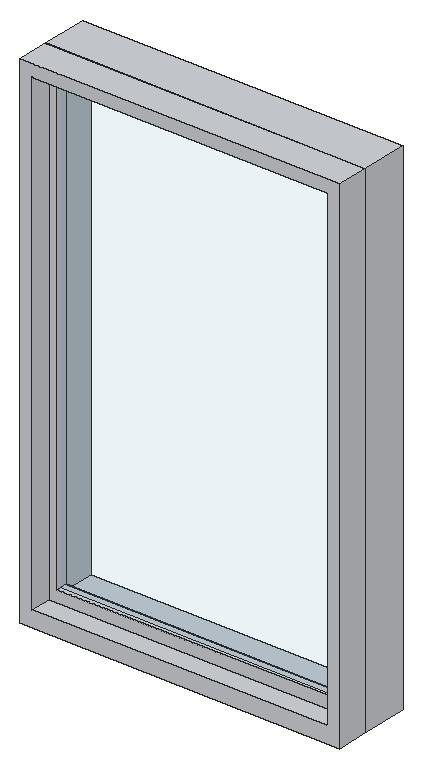
Revit family
Parameters
  창호부호 = "AW"
  외부마감재료 [instance] = none
  외부마감길이 [instance] = 175 mm
  문틀재료 = "W:120 알미늄 FRAME"
  문틀마감 = "불소수지도장"
  문짝재료 = "24mm(6+12+6) 투명복층유리"
  문짝마감 = "불소수지도장"
  문번호 = "7"
  Rough Width = 1900 mm
  Height = 1900 mm
  내부마감재료 [instance] = none
  내부마감이격 [instance] = 100 mm
  기본 씰 높이 = 1200 mm
  Wall Closure = (empty or 0)
  Width = 1200 mm
  Assembly Code = ""
Reference planes
  plane 1: y = 0
  plane 2 "중심(왼쪽/오른쪽)": x = 0
  plane 3 "왼쪽": x = -600
  plane 4 "오른쪽": x = 600
  plane 5 "씰 ": z = 1200
  plane 6 "헤드": z = 3100
  plane 7 "외부": y = 75
  plane 8 "내부": y = -75
  plane 9: y = -75
  plane 10 "내부마감이격": y = -5
  plane 11 "OPEN끝": y = 115
  plane 12: x = 555
  plane 13: x = 95
  plane 14: x = -555
  plane 15: z = 3055
  plane 16: z = 1260
  plane 17 "OPEN": y = 75
  plane 18: y = 290
  plane 19: y = -105
Forms (mm)
  Extrusion 1, solid
    sketch origin (0, -5, 0) x (1, 0, 0) y (0, 0, 1)
      loop
        line (600, 3100) -> (-600, 3100) -> (-600, 1200) -> (600, 1200) -> (600, 3100)
      loop
        line (555, 3055) -> (-555, 3055) -> (-555, 1260) -> (555, 1260) -> (555, 3055)
    from 0 to -120
  Sweep 2, void
    path origin (0, -5, 0) x (1, 0, 0) y (0, 0, 1)
      loop
        line (555, 3055) -> (-555, 3055) -> (-555, 1260) -> (555, 1260) -> (555, 3055)
    profile origin (0, -5, 3055) x (0, 0, -1) y (0, -1, 0)
      loop
        line (0, -80) -> (-15, -80) -> (-15, -120) -> (0, -120) -> (0, -80)
  Extrusion 3, solid
    sketch origin (0, 75, 0) x (1, 0, 0) y (0, 0, 1)
      loop
        line (570, 3070) -> (-570, 3070) -> (-570, 1245) -> (570, 1245) -> (570, 3070)
      loop
        line (525, 3025) -> (-525, 3025) -> (-525, 1305) -> (525, 1305) -> (525, 3025)
    from 0 to -40
  Extrusion 4, solid, material <- "외부마감재료"
    sketch origin (0, 75, 0) x (1, 0, 0) y (0, 0, 1)
      loop
        line (600, 3100) -> (-600, 3100) -> (-600, 1200) -> (600, 1200) -> (600, 3100)
      loop
        line (570, 3070) -> (-570, 3070) -> (-570, 1245) -> (570, 1245) -> (570, 3070)
    from -215 to -40
  Extrusion 5, solid, material "유리"
    sketch origin (0, 75, 0) x (1, 0, 0) y (0, 0, 1)
      loop
        line (525, 3025) -> (-525, 3025) -> (-525, 1305) -> (525, 1305) -> (525, 3025)
    from -9.798 to -33.798
Cuts and joins
  Sweep 2 cuts Extrusion 1
Lines and regions (mm)
  Opening 1
    outline origin (3500, -75, 0) x (1, 0, 0) y (0, 0, 1)
      loop
        line (-2900, 1200) -> (-2900, 3100) -> (-4100, 3100) -> (-4100, 1200) -> (-2900, 1200)
  symbolic lines, style "입면도 스윙"
    curve 1: line (-417.562, 685.169, 0) -> (570, 115, 0)
    curve 2: line (-437.562, 650.528, 0) -> (-417.562, 685.169, 0)
    curve 3: line (550, 80.359, 0) -> (-437.562, 650.528, 0)
    curve 4: line (570, 115, 0) -> (550, 80.359, 0)
    curve 5: arc (-437.562, 650.528, 0) -> (-538.14, 391.261, 0) -> (-570, 115, 0) r 1092.503
Text (mm)
  text "외부" at (-1963.203, 1332.353, 0), in view "참조 레벨"
  text "내부" at (-1981.466, -818.386, 0), in view "참조 레벨"
  text "Exterior" at (0, 923.751, 2943.296), in view "오른쪽"
  text "외부" at (0, 1040.484, 2685.409), in view "왼쪽"
Dimensions and locks
  equal spacing: plane 3 "왼쪽", plane 2 "중심(왼쪽/오른쪽)", plane 4 "오른쪽"
  "Width": plane 3 "왼쪽" to plane 4 "오른쪽"
  "Height": plane 5 "씰 " to plane 6 "헤드"
  "기본 씰 높이": plane 5 "씰 " to level
  locked: plane 7 "외부" to host wall at 0
  locked: plane 8 "내부" to host wall
  "외부마감길이": plane 11 "OPEN끝" to plane 18
  "내부마감이격": plane 19 to plane 10 "내부마감이격"
  locked: Extrusion 4 to Extrusion 4 at 30  (x2)
  locked: plane 12 to plane 4 "오른쪽" at 45
  locked: plane 3 "왼쪽" to plane 14 at 45
  locked: plane 15 to plane 6 "헤드" at 45
  locked: plane 5 "씰 " to plane 16 at 60
  aligned and locked: plane 4 "오른쪽" to Extrusion 1 sketch curve
  aligned and locked: Extrusion 1 sketch curve to plane 6 "헤드"
  aligned and locked: Extrusion 1 sketch curve to plane 3 "왼쪽"
  aligned and locked: Extrusion 1 sketch curve to plane 5 "씰 "
  aligned and locked: plane 12 to Extrusion 1 sketch curve
  aligned and locked: Extrusion 1 sketch curve to plane 15
  aligned and locked: Extrusion 1 sketch curve to plane 14
  aligned and locked: Extrusion 1 sketch curve to plane 16
  aligned and locked: Extrusion 1 to plane 11 "OPEN끝"
  aligned and locked: Extrusion 3 sketch curve to cut or joined group of Extrusion 1, Sweep 2  (x4)
  aligned and locked: Extrusion 4 sketch curve to cut or joined group of Extrusion 1, Sweep 2  (x4)
  aligned and locked: Extrusion 4 sketch curve to Extrusion 3  (x3)
  aligned and locked: Extrusion 4 to plane 18
  aligned and locked: plane 11 "OPEN끝" to Extrusion 4
  aligned and locked: Extrusion 3 to Extrusion 5 sketch curve  (x3)
  aligned and locked: Extrusion 5 sketch curve to Extrusion 3
  aligned and locked: Extrusion 3 to Extrusion 4  (x2)
  aligned: curve 5 to cut or joined group of Extrusion 1, Sweep 2
Automatic sketch dimensions
  Opening 1 sketch curve to plane 3 "왼쪽" = 0 mm
  Opening 1 sketch curve to plane 4 "오른쪽" = 0 mm
  Opening 1 sketch curve to plane 5 "씰 " = 0 mm
  Opening 1 sketch curve to plane 6 "헤드" = 0 mm
  Sweep 2 sketch curve to plane 14 = 0 mm
  Sweep 2 sketch curve to plane 12 = 0 mm
  Sweep 2 sketch curve to plane 16 = 0 mm
  Sweep 2 sketch curve to plane 15 = 0 mm
  Sweep 2 sketch curve to profile plane = 0 mm
  profile plane to Sweep 2 sketch curve = 15 mm
  Sweep 2 sketch curve to plane 10 "내부마감이격" = 120 mm
  Sweep 2 sketch curve to Sweep 2 sketch curve = 40 mm
  Extrusion 3 sketch curve to plane 14 = 30 mm
  plane 12 to Extrusion 3 sketch curve = 30 mm
  Extrusion 3 sketch curve to plane 16 = 45 mm
  plane 15 to Extrusion 3 sketch curve = 30 mm
  plane 16 to Extrusion 4 sketch curve = 15 mm
  curve 5 to plane 11 "OPEN끝" = 0 mm
  curve 1 to plane 11 "OPEN끝" = 0 mm
  plane 14 to curve 5 = 15 mm
  curve 5 to curve 2 = 20 mm
  curve 5 to plane 11 "OPEN끝" = 13.983 mm
  plane 12 to curve 5 = 32.586 mm
  plane 12 to curve 4 = 5 mm
  curve 3 to curve 1 = 34.641 mm
